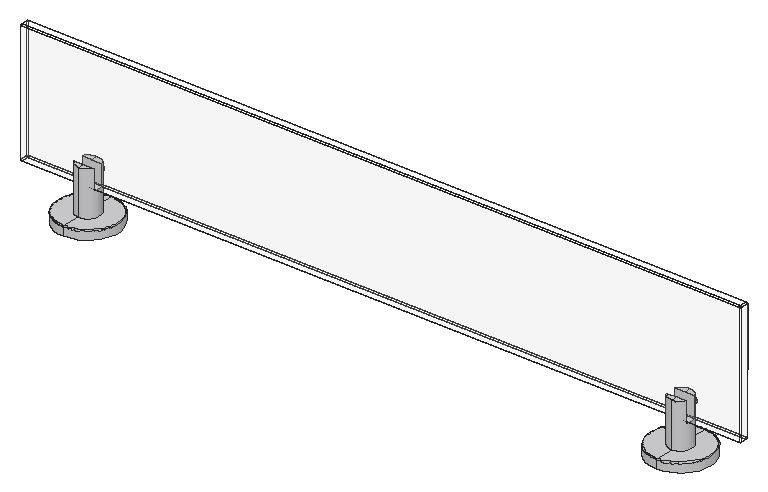
Revit family "Accessory-Shelf-KOHLER-STILLNESS-K-14455T", category Specialty Equipment, host Face, Revit 2017
Family settings
  Host = Face
  Round Connector Dimension = Use Diameter
  Part Type = Normal
  OmniClass Number = 23.31.25.00
  OmniClass Title = Toilet and Bath Specialties
  Cut with Voids When Loaded = No
  Shared = No
  Room Calculation Point = No
Parameters (values of type "CP-Polished Chrome")
  Width = 22.51969"  # constant formula
  WaterSense Certified = 1 = 0  # no
  URL = "http://www.kohler.com.cn/"
  Type = 1
  Product Page URL = "https://www.kohler.com.cn/product/K-14455T-CP/K-14455T-CP/"
  Product Name = "STILLNESS"  # constant formula
  Product Documentation Link = "https://files.kohler.com.cn/pdfs/stillness.pdf"
  Model = if(Type = 1, "K-14455T-CP", if(Type = 2, "K-14455T-SN", if(Type = 3, "K-14455T-BN", if(Type = 4, "K-14455T-PGD", if(Type = 5, "K-14455T-RGD", "NA")))))  # "K-14455T-CP"
  Material = "Premium Metal Constraction"  # constant formula
  Master Format 2014 Name = "Toilet, Bath, and Laundry Accessories"  # constant formula
  Master Format 2014 = "10 28 00"  # constant formula
  Manufacturer Address = "Kohler Beijing Office (100016) 36-2-03-B, No. 88, Liuxiang Road, Beijing"  # constant formula
  Manufacturer = "KOHLER Co."  # constant formula
  Length = 4.88189"  # constant formula
  Height = 1.88976"  # constant formula
  Finish = Kohler-Metal-CP-Polished_Chrome
  Environmental Product Declaration = ""
  Description = "Glass Shelf"  # constant formula
  Default Elevation = 42"
  Declare Label = ""
  Date Modified = "07/07/2020"  # constant formula
  Date Created = "07/07/2020"  # constant formula
  Copyright = "Copyright KOHLER Co."  # constant formula
  Contact Us = "http://www.kohler.com.cn/contact/contact-us/"
  Assembly Code = "C1030200"
  ADA Compliant = 1 = 0  # no
Types (6): name | Type | Product Page URL | Model | Finish
  (no name) | 1 | "https://www.kohler.com.cn/product/K-14455T-CP/K-14455T-CP/" | "K-14455T-CP" | Kohler-Metal-CP-Polished_Chrome
  CP-Polished Chrome | 1 | "https://www.kohler.com.cn/product/K-14455T-CP/K-14455T-CP/" | "K-14455T-CP" | Kohler-Metal-CP-Polished_Chrome
  SN-Champagne Gold | 2 | "https://www.kohler.com.cn/product/K-14455T-CP/K-14455T-SN/" | "K-14455T-SN" | Kohler-Metal-SN-Vibrant_Polished_Nickel
  BN-Roman Silver | 3 | "https://www.kohler.com.cn/product/K-14455T-CP/K-14455T-BN/" | "K-14455T-BN" | Kohler-Metal-BN-Vibrant_Brushed_Nickel
  PGD-Eternal Gold | 4 | "https://www.kohler.com.cn/product/K-14455T-CP/K-14455T-PGD/" | "K-14455T-PGD" | Kohler-Metal-PGD-Modern_Polished_Gold
  RGD-Rose Gold | 5 | "https://www.kohler.com.cn/product/K-14455T-CP/K-14455T-RGD/" | "K-14455T-RGD" | Kohler-Metal-RGD-Polished_Rose_Gold
Reference planes (in)
  plane 1 "Center (Front/Back)": y = 0
  plane 2: z = 0
  plane 3 "Center (Left/Right)": x = 0
  plane 4: x = -11.25984
  plane 5: x = 11.25984
  plane 6: y = 0.94488
  plane 7: y = -0.94488
  plane 8: z = 4.88189
  plane 9: x = -9.25197
  plane 10: x = 9.25197
  plane 11: x = -10.19685
  plane 12: x = -8.30709
  plane 13: x = 10.19685
  plane 14: x = 8.30709
  plane 15: y = 0.16929
  plane 16: y = -0.16929
  plane 17: z = 0.27559
  plane 18: z = 1.02362
  plane 19: x = 9.6063
  plane 20: x = 8.89764
  plane 21: x = -9.6063
  plane 22: x = -8.89764
  plane 23: y = -0.35433
  plane 24: y = 0.35433
Dimensions and locks (in)
  "Width": plane 4 to plane 5
  "Height": plane 7 to plane 6
  "Length": plane 8 to level
  plane 9 to plane 10 = 18.50394"
  locked: plane 11 to plane 12 at 1.88976
  locked: plane 14 to plane 13 at 1.88976
  aligned and locked: plane 2 to host face
  aligned and locked: level to host face
Automatic sketch dimensions
  host sketch curve to host sketch curve = 96"  (x2)
Nested families (in)
  nested 1: "K-14455T" at (0, 0, 0), type "K-14455T"
Definition of nested family "K-14455T"
  Parameters (values of type "K-14455T")
    Material = none
  Reference planes (in)
    plane 1 "Center (Front/Back)": y = 0
    plane 2: z = 0
    plane 3 "Center (Left/Right)": x = 0
    plane 4: z = 4.88189
    plane 5: x = 9.25197
    plane 6: x = 11.25984
    plane 7: x = -9.25197
    plane 8: x = -11.25984
    plane 9: y = 0.94488
    plane 10: y = -0.94488
    plane 11: x = -10.19685
    plane 12: x = -8.30709
    plane 13: x = 10.19685
    plane 14: x = 8.30709
    plane 15: z = 0.27559
    plane 16: y = 0.35433
    plane 17: y = -0.35433
    plane 18: y = 0.16929
    plane 19: y = -0.16929
    plane 20: z = 1.02362
    plane 21: x = 9.6063
    plane 22: x = 8.89764
    plane 23: x = -9.6063
    plane 24: x = -8.89764
  Forms (in)
    Revolve 1, solid, material <- "Material", detail levels medium+fine
      sketch origin (9.25197, 0, 0) x (0, 1, 0) y (0, 0, 1)
        loop
          line (0, 0) -> (0.94488, 0) -> (0.94488, 0.25572)
          arc (0.94488, 0.25572) -> (0.93906, 0.26977) -> (0.92501, 0.27559) r 0.01988
          line (0.92501, 0.27559) -> (0.35433, 0.27559) -> (0.35433, 1.65354) -> (0, 1.65354) -> (0, 0)
        axis (0, 1.65354) -> (0, 0)
      angle from 0 to 360
    Extrusion 2, solid, material <- "Material", detail levels medium+fine
      sketch origin (0, 0, 0) x (1, 0, 0) y (0, 0, 1)
        loop
          circle (9.25189, 1.33821) r 0.15748
      from -0.42126 to -0.2158
    Extrusion 3, void
      sketch origin (0, 0, 0) x (1, 0, 0) y (0, 1, 0)
        loop
          line (7.5322, 0.16929) -> (7.5322, -0.16929) -> (10.31487, -0.16929) -> (10.31487, 0.16929) -> (7.5322, 0.16929)
      from 1.02362 to 2.78887
    Revolve 4, solid, material <- "Material", detail levels medium+fine
      sketch origin (-9.25197, 0, 0) x (0, 1, 0) y (0, 0, -1)
        loop
          line (0, 0) -> (0, -1.65354) -> (0.35433, -1.65354) -> (0.35433, -0.27559) -> (0.92501, -0.27559)
          arc (0.92501, -0.27559) -> (0.93906, -0.26977) -> (0.94488, -0.25572) r 0.01988
          line (0.94488, -0.25572) -> (0.94488, 0) -> (0, 0)
        axis (0, -1.65354) -> (0, 0)
      angle from 0 to 360
    Extrusion 5, solid, material <- "Material", detail levels medium+fine
      sketch origin (0, 0, 0) x (-1, 0, 0) y (0, 0, -1)
        loop
          circle (9.25189, -1.33821) r 0.15748
      from -0.42126 to -0.2158
    Extrusion 6, void
      sketch origin (0, 0, 0) x (-1, 0, 0) y (0, -1, 0)
        loop
          line (7.5322, -0.16929) -> (10.31487, -0.16929) -> (10.31487, 0.16929) -> (7.5322, 0.16929) -> (7.5322, -0.16929)
      from 1.02362 to 2.78887
    Extrusion 7, solid, detail levels medium+fine
      sketch origin (0, 0, 0) x (0, 1, 0) y (0, 0, 1)
        loop
          line (0.16929, 1.06299) -> (0.16929, 4.84252) -> (0.12992, 4.88189) -> (-0.12992, 4.88189) -> (-0.16929, 4.84252) -> (-0.16929, 1.06299) -> (-0.12992, 1.02362) -> (0.12992, 1.02362) -> (0.16929, 1.06299)
      from -11.25984 to 11.25984
    Sweep 8, void
      path in 3D
        loop
          line (11.25984, 0.12992, 4.88189) -> (11.25984, 0.16929, 4.84252) -> (11.25984, 0.16929, 1.06299) -> (11.25984, 0.12992, 1.02362) -> (11.25984, -0.12992, 1.02362) -> (11.25984, -0.16929, 1.06299) -> (11.25984, -0.16929, 4.84252) -> (11.25984, -0.12992, 4.88189) -> (11.25984, 0.12992, 4.88189)
      profile origin (11.25984, 0, 4.88189) x (-1, 0, 0) y (0, 0, 1)
        loop
          line (0.03937, 0.03311) -> (-0.03825, 0.03311) -> (-0.03825, -0.03937) -> (0, -0.03937) -> (0.03937, 0) -> (0.03937, 0.03311)
    Extrusion 9, solid, material <- "Material", detail levels medium+fine
      sketch origin (0, 0, 0) x (1, 0, 0) y (0, 0, 1)
        loop
          circle (9.25189, 1.33821) r 0.15748
      from -0.42126 to -0.2158
    Extrusion 10, solid, material <- "Material", detail levels medium+fine
      sketch origin (0, 0, 0) x (-1, 0, 0) y (0, 0, -1)
        loop
          circle (9.25189, -1.33821) r 0.15748
      from -0.42126 to -0.2158
    Sweep 11, void
      path in 3D
        loop
          line (-11.25984, 0.12992, 4.88189) -> (-11.25984, 0.16929, 4.84252) -> (-11.25984, 0.16929, 1.06299) -> (-11.25984, 0.12992, 1.02362) -> (-11.25984, -0.12992, 1.02362) -> (-11.25984, -0.16929, 1.06299) -> (-11.25984, -0.16929, 4.84252) -> (-11.25984, -0.12992, 4.88189) -> (-11.25984, 0.12992, 4.88189)
      profile origin (-11.25984, 0, 4.88189) x (-1, 0, 0) y (0, 0, 1)
        loop
          line (-0.03937, 0.03311) -> (-0.03937, 0) -> (0, -0.03937) -> (0.03825, -0.03937) -> (0.03825, 0.03311) -> (-0.03937, 0.03311)
    Revolve 12, solid, material <- "Material", detail levels coarse
      sketch origin (0, 0, 0) x (1, 0, 0) y (0, 0, 1)
        loop
          line (9.25197, 0) -> (10.19685, 0) -> (10.19685, 0.2788) -> (9.6063, 0.2788) -> (9.6063, 1.65675) -> (9.25197, 1.65675) -> (9.25197, 0)
        axis (9.25197, 1.65675) -> (9.25197, 0)
      angle from 0 to 360
    Revolve 13, solid, material <- "Material", detail levels coarse
      sketch origin (0, 0, 0) x (-1, 0, 0) y (0, 0, 1)
        loop
          line (9.25197, 0) -> (10.19685, 0) -> (10.19685, 0.2788) -> (9.6063, 0.2788) -> (9.6063, 1.65675) -> (9.25197, 1.65675) -> (9.25197, 0)
        axis (9.25197, 1.65675) -> (9.25197, 0)
      angle from 0 to 360
    Extrusion 14, solid, detail levels coarse
      sketch origin (0, 0, 0) x (1, 0, 0) y (0, 0, 1)
        loop
          line (11.25984, 4.88189) -> (-11.25984, 4.88189) -> (-11.25984, 1.02362) -> (11.25984, 1.02362) -> (11.25984, 4.88189)
      from -0.16929 to 0.16929
    Extrusion 15, void
      sketch origin (0, 0, 0) x (0, 1, 0) y (0, 0, 1)
        loop
          line (0.16929, 1.02362) -> (0.16929, 1.84913) -> (-0.16929, 1.84913) -> (-0.16929, 1.02362) -> (0.16929, 1.02362)
      from -13.27371 to 12.25868
  Cuts and joins
    Extrusion 3, Extrusion 6 cuts Revolve 1
    Extrusion 6 cuts Extrusion 2
    joined: Revolve 1, Extrusion 2
    Extrusion 6 cuts Revolve 4
    Sweep 8, Sweep 11 cuts Extrusion 7
    Extrusion 15 cuts Revolve 13
    Extrusion 15 cuts Revolve 12
  Lines and regions (in)
    Masking region 1
      outline origin (0, 0, 0) x (1, 0, 0) y (0, 1, 0)
        loop
          line (-11.22047, -0.16929) -> (-10.18156, -0.16929)
          arc (-10.18156, -0.16929) -> (-9.8573, -0.72552) -> (-9.25197, -0.94488) r 0.94488
          arc (-9.25197, -0.94488) -> (-8.64664, -0.72552) -> (-8.32238, -0.16929) r 0.94488
          line (-8.32238, -0.16929) -> (8.32238, -0.16929)
          arc (8.32238, -0.16929) -> (8.64664, -0.72552) -> (9.25197, -0.94488) r 0.94488
          arc (9.25197, -0.94488) -> (9.8573, -0.72552) -> (10.18156, -0.16929) r 0.94488
          line (10.18156, -0.16929) -> (11.22047, -0.16929) -> (11.25984, -0.12992) -> (11.25984, 0.12992) -> (11.22047, 0.16929) -> (10.18156, 0.16929)
          arc (10.18156, 0.16929) -> (9.8573, 0.72552) -> (9.25197, 0.94488) r 0.94488
          arc (9.25197, 0.94488) -> (8.64664, 0.72552) -> (8.32238, 0.16929) r 0.94488
          line (8.32238, 0.16929) -> (-8.32238, 0.16929)
          arc (-8.32238, 0.16929) -> (-8.64664, 0.72552) -> (-9.25197, 0.94488) r 0.94488
          arc (-9.25197, 0.94488) -> (-9.8573, 0.72552) -> (-10.18156, 0.16929) r 0.94488
          line (-10.18156, 0.16929) -> (-11.22047, 0.16929) -> (-11.25984, 0.12992) -> (-11.25984, -0.12992) -> (-11.22047, -0.16929)
    Masking region 2
      outline origin (0, 0, 0) x (1, 0, 0) y (0, 0, 1)
        loop
          line (11.22047, 4.88189) -> (-11.22047, 4.88189) -> (-11.25984, 4.84252) -> (-11.25984, 1.06299) -> (-11.22047, 1.02362) -> (-9.6063, 1.02362) -> (-9.6063, 0.27559) -> (-10.17717, 0.27559)
          arc (-10.17717, 0.27559) -> (-10.19108, 0.26982) -> (-10.19685, 0.25591) r 0.01969
          line (-10.19685, 0.25591) -> (-10.19685, 0) -> (-8.30709, 0) -> (-8.30709, 0.25591)
          arc (-8.30709, 0.25591) -> (-8.31285, 0.26982) -> (-8.32677, 0.27559) r 0.01969
          line (-8.32677, 0.27559) -> (-8.89764, 0.27559) -> (-8.89764, 1.02362) -> (8.89764, 1.02362) -> (8.89764, 0.27559) -> (8.32677, 0.27559)
          arc (8.32677, 0.27559) -> (8.31285, 0.26982) -> (8.30709, 0.25591) r 0.01969
          line (8.30709, 0.25591) -> (8.30709, 0) -> (10.19685, 0) -> (10.19685, 0.25591)
          arc (10.19685, 0.25591) -> (10.19108, 0.26982) -> (10.17717, 0.27559) r 0.01969
          line (10.17717, 0.27559) -> (9.6063, 0.27559) -> (9.6063, 1.02362) -> (11.22047, 1.02362) -> (11.25984, 1.06299) -> (11.25984, 4.84252) -> (11.22047, 4.88189)
    Masking region 3
      outline origin (0, 0, 0) x (0, 1, 0) y (0, 0, 1)
        loop
          line (-0.94488, 0) -> (0.94488, 0) -> (0.94488, 0.25565)
          arc (0.94488, 0.25565) -> (0.93904, 0.26975) -> (0.92494, 0.27559) r 0.01994
          line (0.92494, 0.27559) -> (0.35433, 0.27559) -> (0.35433, 1.18073) -> (0.42126, 1.18073) -> (0.42126, 1.4957) -> (0.35433, 1.4957) -> (0.35433, 1.65354) -> (0.16929, 1.65354) -> (0.16929, 4.84252) -> (0.12992, 4.88189) -> (-0.12992, 4.88189) -> (-0.16929, 4.84252) -> (-0.16929, 1.65354) -> (-0.35433, 1.65354) -> (-0.35433, 0.27559) -> (-0.9252, 0.27559)
          arc (-0.9252, 0.27559) -> (-0.93912, 0.26982) -> (-0.94488, 0.25591) r 0.01969
          line (-0.94488, 0.25591) -> (-0.94488, 0)
    sketch lines
      curve 1: line (11.25984, -0.12992, 4.88189) -> (11.25984, 0.12992, 4.88189)
      curve 2: line (11.25984, -0.16929, 4.84252) -> (11.25984, -0.12992, 4.88189)
      curve 3: line (11.25984, -0.16929, 1.06299) -> (11.25984, -0.16929, 4.84252)
      curve 4: line (11.25984, -0.12992, 1.02362) -> (11.25984, -0.16929, 1.06299)
      curve 5: line (11.25984, 0.12992, 1.02362) -> (11.25984, -0.12992, 1.02362)
      curve 6: line (11.25984, 0.16929, 1.06299) -> (11.25984, 0.12992, 1.02362)
      curve 7: line (11.25984, 0.16929, 4.84252) -> (11.25984, 0.16929, 1.06299)
      curve 8: line (11.25984, 0.12992, 4.88189) -> (11.25984, 0.16929, 4.84252)
      curve 67: line (-11.25984, -0.12992, 4.88189) -> (-11.25984, 0.12992, 4.88189)
      curve 68: line (-11.25984, -0.16929, 4.84252) -> (-11.25984, -0.12992, 4.88189)
      curve 69: line (-11.25984, -0.16929, 1.06299) -> (-11.25984, -0.16929, 4.84252)
      curve 70: line (-11.25984, -0.12992, 1.02362) -> (-11.25984, -0.16929, 1.06299)
      curve 71: line (-11.25984, 0.12992, 1.02362) -> (-11.25984, -0.12992, 1.02362)
      curve 72: line (-11.25984, 0.16929, 1.06299) -> (-11.25984, 0.12992, 1.02362)
      curve 73: line (-11.25984, 0.16929, 4.84252) -> (-11.25984, 0.16929, 1.06299)
      curve 74: line (-11.25984, 0.12992, 4.88189) -> (-11.25984, 0.16929, 4.84252)
    symbolic lines, detail levels medium+fine
      curve 9: line (-11.22047, 0.12992, 0) -> (-11.22047, -0.12992, 0)
      curve 10: line (-11.22047, -0.12992, 0) -> (-11.25984, -0.11361, 0)
      curve 11: line (-11.22047, -0.12992, 0) -> (-11.22047, -0.16929, 0)
      curve 12: line (-11.22047, 0.12992, 0) -> (-11.25984, 0.10996, 0)
      curve 13: line (-11.22047, 0.16929, 0) -> (-11.22047, 0.12992, 0)
      curve 14: line (-11.22047, 0.12992, 0) -> (11.22047, 0.12992, 0)
      curve 15: line (-11.22047, -0.12992, 0) -> (-7.67717, -0.12992, 0)
      curve 16: line (-10.18156, 0.16929, 0) -> (-8.32238, 0.16929, 0)
      curve 17: line (-9.40937, 0.31745, 0) -> (-9.40937, 0.42126, 0)
      curve 18: line (-9.40937, 0.42126, 0) -> (-9.0944, 0.42126, 0)
      curve 19: line (-9.0944, 0.42126, 0) -> (-9.0944, 0.31737, 0)
      curve 20: arc (-8.9407, 0.16929, 0) -> (-9.25197, 0.35433, 0) -> (-9.56324, 0.16929, 0) r 0.35433
      curve 21: arc (-8.9407, -0.16929, 0) -> (-9.25197, -0.35433, 0) -> (-9.56324, -0.16929, 0) r 0.35433
      curve 22: line (-10.18156, -0.16929, 0) -> (-8.32238, -0.16929, 0)
      curve 23: line (11.22047, 0.12992, 0) -> (11.22047, -0.12992, 0)
      curve 24: line (11.22047, -0.12992, 0) -> (11.25984, -0.11361, 0)
      curve 25: line (11.22047, -0.12992, 0) -> (11.22047, -0.16929, 0)
      curve 26: line (11.22047, 0.12992, 0) -> (11.25984, 0.10996, 0)
      curve 27: line (11.22047, 0.16929, 0) -> (11.22047, 0.12992, 0)
      curve 28: line (9.40937, 0.31745, 0) -> (9.40937, 0.42126, 0)
      curve 29: line (9.40937, 0.42126, 0) -> (9.0944, 0.42126, 0)
      curve 30: line (9.0944, 0.42126, 0) -> (9.0944, 0.31737, 0)
      curve 31: arc (8.9407, 0.16929, 0) -> (9.25197, 0.35433, 0) -> (9.56324, 0.16929, 0) r 0.35433
      curve 32: arc (8.9407, -0.16929, 0) -> (9.25197, -0.35433, 0) -> (9.56324, -0.16929, 0) r 0.35433
      curve 33: line (8.32238, 0.16929, 0) -> (10.18156, 0.16929, 0)
      curve 34: line (10.18156, -0.16929, 0) -> (8.32238, -0.16929, 0)
      curve 35: line (11.22047, -0.12992, 0) -> (-7.67717, -0.12992, 0)
      curve 36: line (10.19685, 0, 0.25591) -> (8.30709, 0, 0.25591)
      curve 37: line (8.89764, 0, 0.27559) -> (9.6063, 0, 0.27559)
      curve 38: line (9.6063, 0, 1.02362) -> (9.56324, 0, 1.02362)
      curve 39: line (9.56324, 0, 1.02362) -> (9.56324, 0, 1.65354)
      curve 40: line (9.56324, 0, 1.65354) -> (8.9407, 0, 1.65354)
      curve 41: line (8.9407, 0, 1.65354) -> (8.9407, 0, 1.02362)
      curve 42: line (8.9407, 0, 1.02362) -> (8.89764, 0, 1.02362)
      curve 43: circle (9.25197, 0, 1.33821) r 0.15748 normal (0, -1, 0)
      curve 44: line (11.22047, 0, 1.02362) -> (11.22047, 0, 1.06299)
      curve 45: line (11.22047, 0, 1.06299) -> (11.25984, 0, 1.0793)
      curve 46: line (11.22047, 0, 1.06299) -> (9.56324, 0, 1.06299)
      curve 47: line (11.22047, 0, 1.06299) -> (11.22047, 0, 4.84252)
      curve 48: line (11.22047, 0, 4.84252) -> (11.25984, 0, 4.82621)
      curve 49: line (11.22047, 0, 4.88189) -> (11.22047, 0, 4.84252)
      curve 50: line (11.22047, 0, 4.84252) -> (10.80029, 0, 4.84252)
      curve 51: line (-10.19685, 0, 0.25591) -> (-8.30709, 0, 0.25591)
      curve 52: line (-8.89764, 0, 0.27559) -> (-9.6063, 0, 0.27559)
      curve 53: line (-9.6063, 0, 1.02362) -> (-9.56324, 0, 1.02362)
      curve 54: line (-9.56324, 0, 1.02362) -> (-9.56324, 0, 1.65354)
      curve 55: line (-9.56324, 0, 1.65354) -> (-8.9407, 0, 1.65354)
      curve 56: line (-8.9407, 0, 1.65354) -> (-8.9407, 0, 1.02362)
      curve 57: line (-8.9407, 0, 1.02362) -> (-8.89764, 0, 1.02362)
      curve 58: circle (-9.25197, 0, 1.33821) r 0.15748 normal (0, 1, 0)
      curve 59: line (-11.22047, 0, 1.02362) -> (-11.22047, 0, 1.06299)
      curve 60: line (-11.22047, 0, 1.06299) -> (-11.25984, 0, 1.0793)
      curve 61: line (-11.22047, 0, 1.06299) -> (-9.56324, 0, 1.06299)
      curve 62: line (-11.22047, 0, 1.06299) -> (-11.22047, 0, 4.84252)
      curve 63: line (-11.22047, 0, 4.84252) -> (-11.25984, 0, 4.82621)
      curve 64: line (-11.22047, 0, 4.88189) -> (-11.22047, 0, 4.84252)
      curve 65: line (-11.22047, 0, 4.84252) -> (10.80029, 0, 4.84252)
      curve 66: line (8.9407, 0, 1.06299) -> (-8.9407, 0, 1.06299)
      curve 75: line (0, 0.16929, 4.84252) -> (0, 0.12992, 4.82621)
      curve 76: line (0, 0.12992, 4.88189) -> (0, 0.10168, 4.84252)
      curve 77: line (0, 0.10168, 4.84252) -> (0, -0.10168, 4.84252)
      curve 78: line (0, -0.16929, 4.84252) -> (0, -0.12992, 4.82621)
      curve 79: line (0, 0.16929, 1.06299) -> (0, 0.12992, 1.0793)
      curve 80: line (0, 0.12992, 1.02362) -> (0, 0.10382, 1.06299)
      curve 81: line (0, 0.10382, 1.06299) -> (0, -0.10382, 1.06299)
      curve 82: line (0, -0.16929, 1.06299) -> (0, -0.12992, 1.0793)
      curve 83: line (0, 0.16929, 1.06299) -> (0, 0.12992, 1.02362)
      curve 84: line (0, 0.12992, 1.02362) -> (0, -0.12992, 1.02362)
      curve 85: line (0, -0.16929, 1.06299) -> (0, -0.12992, 1.02362)
      curve 86: line (0, -0.12992, 1.0793) -> (0, -0.12992, 4.82621)
      curve 87: line (0, 0.12992, 4.82621) -> (0, 0.12992, 1.0793)
      curve 88: line (0, 0.16929, 1.06299) -> (0, 0.16929, 1.65354)
      curve 89: line (0, -0.16929, 1.06299) -> (0, -0.16929, 1.65354)
      curve 90: line (0, 0.12992, 1.02362) -> (0, 0.16929, 1.02362)
      curve 91: line (0, 0.16929, 1.02362) -> (0, 0.16929, 1.06299)
      curve 92: line (0, -0.12992, 1.02362) -> (0, -0.16929, 1.02362)
      curve 93: line (0, -0.16929, 1.02362) -> (0, -0.16929, 1.06299)
      curve 94: line (0, 0.35433, 0.27559) -> (0, -0.35433, 0.27559)
      curve 95: line (0, 0.94488, 0.25565) -> (0, -0.94488, 0.25565)
      curve 96: line (0, 0.12992, 1.0793) -> (0, 0.10382, 1.06299)
      curve 97: line (0, -0.12992, 1.02362) -> (0, -0.10382, 1.06299)
      curve 98: line (0, -0.12992, 1.0793) -> (0, -0.10382, 1.06299)
      curve 99: line (0, 0.12992, 4.82621) -> (0, 0.10168, 4.84252)
      curve 100: line (0, -0.12992, 4.88189) -> (0, -0.10168, 4.84252)
      curve 101: line (0, -0.10168, 4.84252) -> (0, -0.12992, 4.82621)
      curve 102: arc (0, 0.35433, 1.4957) -> (0, 0.31745, 1.33821) -> (0, 0.35433, 1.18073) r 0.35469
  Dimensions and locks (in)
    locked: plane 4 to level at 4.88189
    locked: plane 7 to plane 5 at 18.50394
    locked: plane 8 to plane 6 at 22.51969
    plane 4 to level = 4.88189"
    plane 7 to plane 5 = 18.50394"
    plane 8 to plane 6 = 22.51969"
    plane 9 to plane 10 = 1.88976"
    plane 11 to plane 12 = 1.88976"
    plane 14 to plane 13 = 1.88976"
    aligned and locked: plane 2 to level
